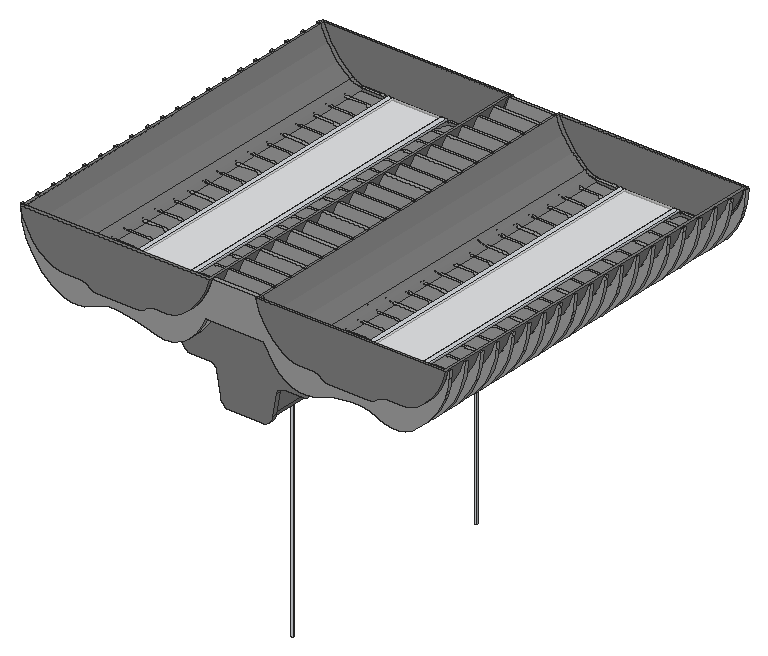
Revit family "0039268 Feilo Sylvania Lighting Fixtures SYLBAY LED 4000K 18-5KLM AISLE DALI", category Lighting Fixtures, host Face, Revit 2017
Family settings
  Host = Face
  Round Connector Dimension = Use Diameter
  Part Type = Normal
  OmniClass Number = 23.80.70.00
  OmniClass Title = Lighting
  Cut with Voids When Loaded = No
  Light Source = Yes
  Shared = No
  Room Calculation Point = No
Parameters (values of type "0039268 SYLBAY LED 4000K 18.5KLM AISLE DALI")
  WireRadius_FEILO = 1 mm
  Weight = "4.6 kg"
  Wattage Comments = "n/a"
  Wattage = 145 W
  WarrantyStartDate [instance] = "n/a"
  WarrantyGuarantorParts = "n/a"
  WarrantyDurationUnit = "n/a"
  WarrantyDurationParts = "n/a"
  WarrantyDescription = "n/a"
  built-in parameter 1150110 = 1 (stored number, unit not read)
  Voltage = 230 V
  URL = "http://www.sylvania-lighting.com"
  TypeName = "SYLBAY LED 4000K 18.5KLM AISLE DALI"
  Type Image = <None>
  Type Comments = "n/a"
  built-in parameter 1114217 = 1 (stored number, unit not read)
  Tilt Angle = -90.00°
  built-in parameter 1150109 = 1 (stored number, unit not read)
  built-in parameter 1150134 = 12
  SuspensionHeight_FEILO [instance] = if(SurfaceMounted_FEILO, 107 mm, SuspensionHeightEntry_FEILO)  # 300 mm
  SuspensionHeightEntry_FEILO [instance] = 300 mm
  SurfaceMounted_FEILO [instance] = no
  built-in parameter 1150113 = 1 (stored number, unit not read)
  SerialNumber [instance] = "n/a"
  ReflectorMaterial = none
  PowerFactor = 0
  PowerConsumption = "145 W"
  Photometric Web File = "0039268.ies"
  NominalLength = 330 mm
  NominalHeight = 105 mm
  NominalDepth = 375 mm
  Name = "SYLBAY LED 4000K 18.5KLM AISLE DALI"
  ModelReference = "SYLBAY LED 4000K 18.5KLM AISLE DALI"
  ModelNumber = "0039268"
  Model = "SYLBAY LED 4000K 18.5KLM AISLE DALI"
  Material = "aluminium housing"
  ManufacturerName = "Feilo Sylvania"
  Manufacturer = "Feilo Sylvania"
  LuminousEfficacy = "128.09 lm/W"
  built-in parameter 1150105 = 25794 (stored number, unit not read)
  Lumens = 18573 lm
  LuminaireType = ""
  built-in parameter 1150115 = 1 (stored number, unit not read)
  LightOutputRatio = "100"
  built-in parameter 1150137 = (empty or 0)
  built-in parameter 1150139 = (empty or 0)
  LampsType = Lamp  # "LED"
  LampNominalLuminous = "18445 lm"
  LampMacAdamStep = "n/a"
  LampColourTemperature = "4000 K"
  LampColourRenderingIndex = "80"
  built-in parameter 1150112 = 1 (stored number, unit not read)
  built-in parameter 1150114 = 1 (stored number, unit not read)
  Lamp = "LED"
  Keynote = "16500"
  InstallationDate [instance] = "n/a"
  InputVoltage = "220-240V~"
  InputNominalFrequency = "50/60 Hz"
  built-in parameter 1150132 = (empty or 0)
  built-in parameter 1150102 = (empty or 0)
  built-in parameter 1150107 = 4000 (stored number, unit not read)
  built-in parameter 1150138 = (empty or 0)
  IngressProtection = "IP65"
  ImpactProtectionIndex = "IK08"
  built-in parameter 1150106 = 257.94 (stored number, unit not read)
  IfcExportType = "IfcLightFixtureType"
  IfcExportAs = "IfcLightFixtureType"
  ExpectedLife = 50000
  Emit from Rectangle Width = 365 mm
  Emit from Rectangle Length = 320 mm
  Emit Shape Visible in Rendering = no
  ElectricShockClassification = "Class I"
  built-in parameter 1150104 = 11.9 (stored number, unit not read)
  DurationUnit = "hours"
  DocumentationLiterature = "http://www.sylvania-lighting.com/product/en-int/products/0039268"
  DimmingControlOptions = "Dimmable"
  Dimming Lamp Color Temperature Shift = <None>
  DiffuserMaterial = Diffuser-Sylvania-Sylbay-Transparent
  Description = "Specification industrial high bay luminaire, robust and durable, slim design, high output and efficiency, lightweight, aluminium housing with shatter-resistant polycarbonate lens optic, 18,500 lumens, 145W, 127lm/W, 4000K, 2100mA, CRI 80, aisle beam optic, DALI dimmable, IP65, IK08, 100,000 hrs (L90B10), (LxWxH) 330x375x105mm, 3 step MacAdam ellipse, 4.6kg, aluminium finish, Class 1, 220-240V, integrated LED, energy class: A++, A+, A."
  Default Elevation = 1219.2 mm
  CreatedOn = "17/11/2017"
  CreatedBy = ""
  Cost = 0
  Color Filter = 16777215
  built-in parameter 1114216 [instance] = (empty or 0)
  BodyMaterial = Body-Sylvania-Sylbay-Aluminium
  BarCode [instance] = "n/a"
  built-in parameter 1114218 = 1 (stored number, unit not read)
  built-in parameter 1150133 = 10 (stored number, unit not read)
  AssetType = "Fixed"
  AssetIdentifier [instance] = "n/a"
  Assembly Code = "D5020200"
  Apparent Load = 145 VA
  AccessoryMaterial = Accesory-Sylvania-Sylbay-White
Reference planes
  plane 1 "Center (Front/Back)": y = 0
  plane 2: z = 0
  plane 3 "Center (Left/Right)": x = 0
  plane 4: z = 300
  plane 5: y = -147
  plane 6: y = 100
  plane 7: y = -100
  plane 8: z = 237.522
  plane 9: z = 246.272
  plane 10: z = 227.522
  plane 11: z = 266.272
  plane 12: z = 256.272
  plane 13: z = 262.272
  plane 14: y = 147
  plane 15: y = -8.075
  plane 16: y = 8.075
  plane 17: y = -150
  plane 18: y = 150
  plane 19: z = 195
  plane 20: z = 193
Forms (mm)
  Extrusion 1, solid, material "Accesory-Sylvania-Sylbay-White" <- "AccessoryMaterial"
    sketch origin (0, 0, 0) x (1, 0, 0) y (0, 0, 1)
      loop
        arc (-39.258, 246.272) -> (-44.534, 242.283) -> (-50.507, 239.445) r 32.519
        arc (-50.507, 239.445) -> (-54.463, 232.388) -> (-48, 227.522) r 6.147
        line (-48, 227.522) -> (-32.102, 227.522)
        arc (-32.102, 227.522) -> (-26.92, 225.616) -> (-24.206, 220.808) r 8
        line (-24.206, 220.808) -> (-21.094, 201.713)
        arc (-21.094, 201.713) -> (-18.38, 196.905) -> (-13.198, 195) r 8
        line (-13.198, 195) -> (13.198, 195)
        arc (13.198, 195) -> (18.393, 196.916) -> (21.099, 201.746) r 8
        line (21.099, 201.746) -> (24.206, 220.808)
        arc (24.206, 220.808) -> (26.92, 225.616) -> (32.102, 227.522) r 8
        line (32.102, 227.522) -> (48, 227.522)
        arc (48, 227.522) -> (54.463, 232.388) -> (50.507, 239.445) r 6.147
        arc (50.507, 239.445) -> (44.534, 242.283) -> (39.258, 246.272) r 32.519
        arc (39.258, 246.272) -> (31.199, 255.531) -> (25.254, 266.272) r 58.361
        line (25.254, 266.272) -> (-25.254, 266.272)
        arc (-25.254, 266.272) -> (-31.199, 255.531) -> (-39.258, 246.272) r 58.361
    from -147 to 147
  Extrusion 2, solid, material "Body-Sylvania-Sylbay-Aluminium" <- "BodyMaterial", detail levels medium+fine
    sketch origin (0, 0, 0) x (1, 0, 0) y (0, 0, 1)
      loop
        arc (-32.102, 225.522) -> (-28.215, 224.093) -> (-26.18, 220.487) r 6
        line (-26.18, 220.487) -> (-23.068, 201.392)
        arc (-23.068, 201.392) -> (-19.676, 195.381) -> (-13.198, 193) r 10
        line (-13.198, 193) -> (13.198, 193)
        arc (13.198, 193) -> (19.69, 195.393) -> (23.074, 201.428) r 10
        line (23.074, 201.428) -> (26.18, 220.487)
        arc (26.18, 220.487) -> (28.215, 224.093) -> (32.102, 225.522) r 6
        line (32.102, 225.522) -> (47.932, 225.522)
        arc (47.932, 225.522) -> (54.718, 228.451) -> (56.343, 235.661) r 8.147
        arc (56.343, 235.661) -> (55.292, 237.506) -> (53.445, 238.553) r 4
        arc (53.445, 238.553) -> (45.865, 241.518) -> (39.258, 246.272) r 32.519
        arc (39.258, 246.272) -> (32.89, 253.237) -> (27.728, 261.137) r 58.361
        arc (27.728, 261.137) -> (25.523, 263.429) -> (22.456, 264.272) r 6
        line (22.456, 264.272) -> (-22.456, 264.272)
        arc (-22.456, 264.272) -> (-25.523, 263.429) -> (-27.728, 261.137) r 6
        arc (-27.728, 261.137) -> (-32.89, 253.237) -> (-39.258, 246.272) r 58.361
        arc (-39.258, 246.272) -> (-45.865, 241.518) -> (-53.445, 238.553) r 32.519
        arc (-53.445, 238.553) -> (-55.292, 237.506) -> (-56.343, 235.661) r 4
        arc (-56.343, 235.661) -> (-54.718, 228.451) -> (-47.932, 225.522) r 8.147
        line (-47.932, 225.522) -> (-32.102, 225.522)
    from 147 to 150
  Extrusion 3, solid, detail levels medium+fine
    sketch origin (0, 0, 0) x (1, 0, 0) y (0, 0, 1)
      loop
        line (-47.932, 225.522) -> (-32.102, 225.522)
        arc (-32.102, 225.522) -> (-28.215, 224.093) -> (-26.18, 220.487) r 6
        line (-26.18, 220.487) -> (-23.068, 201.392)
        arc (-23.068, 201.392) -> (-19.676, 195.381) -> (-13.198, 193) r 10
        line (-13.198, 193) -> (13.198, 193)
        arc (13.198, 193) -> (19.69, 195.393) -> (23.074, 201.428) r 10
        line (23.074, 201.428) -> (26.18, 220.487)
        arc (26.18, 220.487) -> (28.215, 224.093) -> (32.102, 225.522) r 6
        line (32.102, 225.522) -> (47.932, 225.522)
        arc (47.932, 225.522) -> (54.718, 228.451) -> (56.343, 235.661) r 8.147
        arc (56.343, 235.661) -> (55.292, 237.506) -> (53.445, 238.553) r 4
        arc (53.445, 238.553) -> (45.865, 241.518) -> (39.258, 246.272) r 32.519
        arc (39.258, 246.272) -> (32.89, 253.237) -> (27.728, 261.137) r 58.361
        arc (27.728, 261.137) -> (25.523, 263.429) -> (22.456, 264.272) r 6
        line (22.456, 264.272) -> (-22.456, 264.272)
        arc (-22.456, 264.272) -> (-25.523, 263.429) -> (-27.728, 261.137) r 6
        arc (-27.728, 261.137) -> (-32.89, 253.237) -> (-39.258, 246.272) r 58.361
        arc (-39.258, 246.272) -> (-45.865, 241.518) -> (-53.445, 238.553) r 32.519
        arc (-53.445, 238.553) -> (-55.292, 237.506) -> (-56.343, 235.661) r 4
        arc (-56.343, 235.661) -> (-54.718, 228.451) -> (-47.932, 225.522) r 8.147
    from -150 to -147
  Extrusion 4, solid
    sketch origin (-316.531, -4572, 195) x (-1, 0, 0) y (0, -1, 0)
      loop
        circle (-316.531, -4672) r 1
      loop
        circle (-316.531, -4472) r 1
    from 0 to -195
Dimensions and locks
  "SuspensionHeight_FEILO": plane 4 to plane 2
  equal spacing: plane 7, plane 1 "Center (Front/Back)", plane 6
  locked: plane 1 "Center (Front/Back)" to plane 6 at 100
  locked: plane 4 to plane 8 at 62.478
  locked: plane 4 to plane 9 at 53.728
  plane 4 to plane 10 = 72.478 mm
  locked: plane 4 to plane 11 at 33.728
  locked: plane 12 to plane 9 at 10
  locked: plane 13 to plane 12 at 6
  locked: plane 3 "Center (Left/Right)" to Extrusion 1 sketch curve at 48.447
  locked: Extrusion 1 sketch curve to plane 3 "Center (Left/Right)" at 48.447
  locked: plane 4 to Extrusion 1 sketch curve at 66.347  (x2)
  Extrusion 1 sketch curve to plane 3 "Center (Left/Right)" to Extrusion 1 sketch curve = 13.198 mm locked, 13.198 mm locked
  Extrusion 1 sketch curve to plane 3 "Center (Left/Right)" to Extrusion 1 sketch curve = 32.102 mm locked, 32.102 mm locked
  locked: plane 4 to Extrusion 1 sketch curve at 97  (x2)
  locked: plane 4 to Extrusion 1 sketch curve at 80.478  (x2)
  equal spacing: plane 15, plane 1 "Center (Front/Back)", plane 16
  locked: plane 15 to plane 16 at 16.15
  locked: plane 10 to Extrusion 2 sketch curve at 2
  plane 10 to Extrusion 2 sketch curve = 2 mm
  locked: Extrusion 2 sketch curve to Extrusion 1 at 2  (x2)
  locked: Extrusion 2 sketch curve to plane 3 "Center (Left/Right)" at 52.466
  locked: plane 3 "Center (Left/Right)" to Extrusion 2 sketch curve at 52.466
  locked: plane 4 to Extrusion 2 sketch curve at 65.325  (x2)
  locked: plane 4 to Extrusion 2 sketch curve at 41.728  (x2)
  locked: plane 3 "Center (Left/Right)" to Extrusion 2 sketch curve at 22.456
  locked: Extrusion 2 sketch curve to plane 3 "Center (Left/Right)" at 22.456
  locked: plane 4 to plane 19 at 105
  locked: plane 19 to plane 20 at 2
  locked: plane 1 "Center (Front/Back)" to plane 18 at 150
  locked: plane 14 to plane 18 at 3
  locked: plane 17 to plane 1 "Center (Front/Back)" at 150
  locked: plane 17 to plane 5 at 3
  "WireRadius_FEILO": radius of Extrusion 4 sketch curve  (x2)
  aligned and locked: plane 2 to host face
  aligned and locked: level to host face
  aligned and locked: plane 10 to Extrusion 1 sketch curve
  aligned and locked: plane 5 to Extrusion 1
  aligned and locked: Extrusion 1 to plane 14
  aligned and locked: imposter light to plane 4
  aligned and locked: plane 3 "Center (Left/Right)" to imposter light
  aligned and locked: plane 1 "Center (Front/Back)" to imposter light
  aligned and locked: plane 17 to Extrusion 2
  aligned and locked: Extrusion 2 to plane 5
  aligned and locked: Extrusion 3 sketch curve to Extrusion 2  (x15)
  aligned and locked: Extrusion 3 to Extrusion 1
  aligned and locked: Extrusion 3 to plane 18
  aligned and locked: Extrusion 1 sketch curve to plane 19
  aligned and locked: plane 7 to Extrusion 4 sketch curve
  aligned and locked: plane 3 "Center (Left/Right)" to Extrusion 4 sketch curve  (x2)
  aligned and locked: plane 6 to Extrusion 4 sketch curve
  aligned and locked: Extrusion 1 to Extrusion 4
  aligned and locked: Extrusion 4 to level
  aligned and locked: plane 20 to Extrusion 2 sketch curve
  aligned and locked: plane 3 "Center (Left/Right)" to nested 1
  aligned and locked: plane 1 "Center (Front/Back)" to nested 1
Automatic sketch dimensions
  host sketch curve to host sketch curve = 2438.4 mm  (x2)
  Extrusion 1 sketch curve to plane 9 = 0 mm  (x4)
  Extrusion 1 sketch curve to plane 10 = 0 mm
  plane 11 to Extrusion 1 sketch curve = 3.811 mm
  Extrusion 1 sketch curve to Extrusion 1 sketch curve = 36.151 mm  (x2)
  Extrusion 1 sketch curve to plane 4 = 10.994 mm  (x2)
  Extrusion 1 sketch curve to plane 11 = 0 mm
  plane 9 to Extrusion 1 sketch curve = 23.811 mm
  Extrusion 1 sketch curve to plane 10 = 6.713 mm  (x2)
  plane 19 to Extrusion 1 sketch curve = 6.713 mm
  Extrusion 3 sketch curve to plane 10 = 7.035 mm  (x2)
  plane 19 to Extrusion 3 sketch curve = 6.392 mm
  plane 19 to Extrusion 1 sketch curve = 6.746 mm
  plane 19 to Extrusion 3 sketch curve = 6.428 mm
  plane 3 "Center (Left/Right)" to Extrusion 1 sketch curve = 25.254 mm
  Extrusion 1 sketch curve to Extrusion 1 sketch curve = 0.447 mm  (x2)
  Extrusion 1 sketch curve to Extrusion 1 sketch curve = 12.959 mm
  Extrusion 2 sketch curve to plane 9 = 0 mm  (x4)
  plane 11 to Extrusion 2 sketch curve = 3.811 mm  (x2)
  Extrusion 2 sketch curve to Extrusion 2 sketch curve = 8.939 mm  (x2)
  Extrusion 2 sketch curve to plane 4 = 10.994 mm  (x2)
  Extrusion 2 sketch curve to Extrusion 2 sketch curve = 17.6 mm  (x2)
  Extrusion 2 sketch curve to Extrusion 2 sketch curve = 4.02 mm  (x2)
  Extrusion 2 sketch curve to Extrusion 2 sketch curve = 0.514 mm
  Extrusion 2 sketch curve to plane 10 = 8 mm
  Extrusion 2 sketch curve to plane 10 = 7.035 mm  (x2)
  plane 19 to Extrusion 2 sketch curve = 6.392 mm
  plane 19 to Extrusion 2 sketch curve = 8 mm
  plane 3 "Center (Left/Right)" to Extrusion 2 sketch curve = 13.198 mm
  plane 19 to Extrusion 2 sketch curve = 6.428 mm
  Extrusion 2 sketch curve to Extrusion 2 sketch curve = 5.922 mm
  Extrusion 2 sketch curve to Extrusion 2 sketch curve = 4.534 mm
  Extrusion 2 sketch curve to plane 8 = 3.869 mm  (x2)
  Extrusion 2 sketch curve to plane 11 = 2 mm
  Extrusion 2 sketch curve to Extrusion 2 sketch curve = 0 mm  (x2)
Nested families
  nested 1: "SylbayBody" at (0, 0, 266.272), type "SylbayBody"
  nested 2: "SlybayRib" at (0, 144.453, 300), type "SylbayRib"
  nested 3: "SlybayRib" at (0, 127.406, 300), type "SylbayRib"
  nested 4: "SlybayRib" at (0, 110.358, 300), type "SylbayRib"
  nested 5: "SlybayRib" at (0, 93.311, 300), type "SylbayRib"
  nested 6: "SlybayRib" at (0, 76.264, 300), type "SylbayRib"
  nested 7: "SlybayRib" at (0, 59.217, 300), type "SylbayRib"
  nested 8: "SlybayRib" at (0, 42.169, 300), type "SylbayRib"
  nested 9: "SlybayRib" at (0, 25.122, 300), type "SylbayRib"
  nested 10: "SlybayRib" at (0, 161.5, 300), type "SylbayRib"
  nested 11: "SlybayRib" at (0, -144.453, 300), type "SylbayRib"
  nested 12: "SlybayRib" at (0, -127.406, 300), type "SylbayRib"
  nested 13: "SlybayRib" at (0, -110.358, 300), type "SylbayRib"
  nested 14: "SlybayRib" at (0, -93.311, 300), type "SylbayRib"
  nested 15: "SlybayRib" at (0, -76.264, 300), type "SylbayRib"
  nested 16: "SlybayRib" at (0, -59.217, 300), type "SylbayRib"
  nested 17: "SlybayRib" at (0, -42.169, 300), type "SylbayRib"
  nested 18: "SlybayRib" at (0, -25.122, 300), type "SylbayRib"
  nested 19: "SlybayRib" at (0, -161.5, 300), type "SylbayRib"
  nested 20: "SlybayRib" at (0, 8.075, 300), type "SylbayRib"
  nested 21: "SlybayRib" at (0, -8.075, 300), type "SylbayRib"
Connectors
  electrical at (0, 0, 0), driven by "Apparent Load"
    settings: index 1, voltage 230 V, apparent load 145 VA, apparent load phase1 0 VA, apparent load phase2 0 VA, apparent load phase3 0 VA, power factor 0, load classification "Lighting", number of poles 1, system type 30, power factor state 1, is connector primary yes, connector utility no, sub classification motor no, connector description ""
Definition of nested family "SylbayBody"
  Parameters (values of type "SylbayBody")
    URL = "http://www.feilosylvania.com"
    Type Image = (empty or 0)
    Type Comments = "n/a"
    RibLast_FEILO = 161.5 mm
    RibDistance_FEILO = RibLast_FEILO / 10  # 16.15 mm
    ReflectorMaterial = none
    Model = ""
    Manufacturer = "Feilo Sylvania"
    Keynote = ""
    DiffuserMaterial = none
    Description = "n/a"
    Default Elevation = 1219.2 mm
    Cost = 0
    BodyMaterial = none
    Assembly Code = "D5020200"
    AccessoryMaterial = none
  Reference planes
    plane 1 "Center (Front/Back)": y = 0
    plane 2: z = 0
    plane 3 "Center (Left/Right)": x = 0
    plane 4: x = -187.5
    plane 5: x = 187.5
    plane 6: z = 33.728
    plane 7: y = -165
    plane 8: y = 165
    plane 9: y = -148
    plane 10: y = 160
    plane 11: y = -160
    plane 12: z = -28.75
    plane 13: z = -20
    plane 14: x = -102.75
    plane 15: x = 102.75
    plane 16: z = 0
    plane 17: x = -185.5
    plane 18: x = -20
    plane 19: z = -10
    plane 20: x = -122.75
    plane 21: x = -82.75
    plane 22: z = -4
    plane 23: x = -130.75
    plane 24: x = -74.75
    plane 25: x = -145.75
    plane 26: x = -59.75
    plane 27: x = -25.3
    plane 28: x = -183.5
    plane 29: x = -22
    plane 30: y = -163
    plane 31: y = 163
    plane 32: x = 25.3
    plane 33: x = -48
    plane 34: x = 48
    plane 35: x = 20
    plane 36: y = 148
    plane 37: y = -161.5
    plane 38: y = 161.5
    plane 39: y = -8.075
    plane 40: y = 8.075
    plane 41: y = -151
    plane 42: y = 151
    plane 43: y = 149
    plane 44: y = 152
    plane 45: z = -2
    plane 46: z = 0
  Forms (mm)
    Extrusion 1, solid
      sketch origin (4.2, 0, 0) x (1, 0, 0) y (0, 1, 0)
        loop
          line (-1219.2, 1219.2) -> (-1219.2, -1219.2) -> (1219.2, -1219.2) -> (1219.2, 1219.2) -> (-1219.2, 1219.2)
      from 0 to -304.8
    Extrusion 2, solid, material <- "BodyMaterial", detail levels coarse+medium
      sketch origin (0, 0, -234.25) x (1, 0, 0) y (0, 0, 1)
        loop
          arc (-187.5, 267.978) -> (-180.003, 237.85) -> (-159.829, 214.25) r 67.598
          arc (-159.829, 214.25) -> (-143.258, 206.411) -> (-125.169, 209.379) r 30.791
          arc (-125.169, 209.379) -> (-113.533, 213.402) -> (-101.25, 214.25) r 46.777
          arc (-101.25, 214.25) -> (-87.202, 212.214) -> (-73.664, 207.942) r 87.865
          arc (-73.664, 207.942) -> (-55.541, 206.076) -> (-39.258, 214.25) r 32.519
          arc (-39.258, 214.25) -> (-31.199, 223.509) -> (-25.254, 234.25) r 58.361
          line (-25.254, 234.25) -> (25.254, 234.25)
          arc (25.254, 234.25) -> (31.199, 223.509) -> (39.258, 214.25) r 58.361
          arc (39.258, 214.25) -> (55.541, 206.076) -> (73.664, 207.942) r 32.519
          arc (73.664, 207.942) -> (87.202, 212.214) -> (101.25, 214.25) r 87.865
          arc (101.25, 214.25) -> (113.533, 213.402) -> (125.169, 209.379) r 46.777
          arc (125.169, 209.379) -> (143.258, 206.411) -> (159.829, 214.25) r 30.791
          arc (159.829, 214.25) -> (180.003, 237.85) -> (187.5, 267.978) r 67.598
          line (187.5, 267.978) -> (185.5, 267.978)
          arc (185.5, 267.978) -> (176.042, 248.665) -> (160.084, 234.25) r 56.823
          arc (160.084, 234.25) -> (153.191, 231.269) -> (145.75, 230.25) r 27.682
          line (145.75, 230.25) -> (132.583, 230.25)
          arc (132.583, 230.25) -> (129.421, 229.737) -> (126.583, 228.25) r 10
          line (126.583, 228.25) -> (123.917, 226.25)
          arc (123.917, 226.25) -> (121.079, 224.763) -> (117.917, 224.25) r 10
          line (117.917, 224.25) -> (84.583, 224.25)
          arc (84.583, 224.25) -> (81.421, 224.763) -> (78.583, 226.25) r 10
          line (78.583, 226.25) -> (75.917, 228.25)
          arc (75.917, 228.25) -> (73.079, 229.737) -> (69.917, 230.25) r 10
          line (69.917, 230.25) -> (58.25, 230.25)
          arc (58.25, 230.25) -> (51.55, 231.273) -> (45.461, 234.25) r 22.443
          arc (45.461, 234.25) -> (30.027, 249.073) -> (20, 267.978) r 67.602
          line (20, 267.978) -> (-20, 267.978)
          arc (-20, 267.978) -> (-30.027, 249.073) -> (-45.461, 234.25) r 67.602
          arc (-45.461, 234.25) -> (-51.55, 231.273) -> (-58.25, 230.25) r 22.443
          line (-58.25, 230.25) -> (-69.917, 230.25)
          arc (-69.917, 230.25) -> (-73.079, 229.737) -> (-75.917, 228.25) r 10
          line (-75.917, 228.25) -> (-78.583, 226.25)
          arc (-78.583, 226.25) -> (-81.421, 224.763) -> (-84.583, 224.25) r 10
          line (-84.583, 224.25) -> (-117.917, 224.25)
          arc (-117.917, 224.25) -> (-121.079, 224.763) -> (-123.917, 226.25) r 10
          line (-123.917, 226.25) -> (-126.583, 228.25)
          arc (-126.583, 228.25) -> (-129.421, 229.737) -> (-132.583, 230.25) r 10
          line (-132.583, 230.25) -> (-145.75, 230.25)
          arc (-145.75, 230.25) -> (-153.191, 231.269) -> (-160.084, 234.25) r 27.682
          arc (-160.084, 234.25) -> (-176.042, 248.665) -> (-185.5, 267.978) r 56.823
          line (-185.5, 267.978) -> (-187.5, 267.978)
      from 160 to -160
    Extrusion 3, solid, material <- "BodyMaterial"
      sketch origin (0, 0, -234.25) x (1, 0, 0) y (0, 0, 1)
        loop
          arc (-145.75, 230.25) -> (-152.168, 231.276) -> (-157.947, 234.25) r 20.597
          arc (-157.947, 234.25) -> (-173.175, 249.257) -> (-183.5, 267.978) r 74.319
          line (-183.5, 267.978) -> (-185.5, 267.978)
          arc (-185.5, 267.978) -> (-176.042, 248.665) -> (-160.084, 234.25) r 56.823
          arc (-160.084, 234.25) -> (-153.191, 231.269) -> (-145.75, 230.25) r 27.682
        loop
          arc (-45.461, 234.25) -> (-30.027, 249.073) -> (-20, 267.978) r 67.602
          line (-20, 267.978) -> (-22, 267.978)
          arc (-22, 267.978) -> (-31.964, 249.398) -> (-46.63, 234.25) r 76.357
          arc (-46.63, 234.25) -> (-52.105, 231.278) -> (-58.25, 230.25) r 18.878
          arc (-58.25, 230.25) -> (-51.55, 231.273) -> (-45.461, 234.25) r 22.443
        loop
          arc (145.75, 230.25) -> (153.191, 231.269) -> (160.084, 234.25) r 27.682
          arc (160.084, 234.25) -> (176.042, 248.665) -> (185.5, 267.978) r 56.823
          line (185.5, 267.978) -> (183.5, 267.978)
          arc (183.5, 267.978) -> (173.175, 249.257) -> (157.947, 234.25) r 74.319
          arc (157.947, 234.25) -> (152.168, 231.276) -> (145.75, 230.25) r 20.597
        loop
          arc (45.461, 234.25) -> (51.55, 231.273) -> (58.25, 230.25) r 22.443
          arc (58.25, 230.25) -> (52.105, 231.278) -> (46.63, 234.25) r 18.878
          arc (46.63, 234.25) -> (31.964, 249.398) -> (22, 267.978) r 76.357
          line (22, 267.978) -> (20, 267.978)
          arc (20, 267.978) -> (30.027, 249.073) -> (45.461, 234.25) r 67.602
      from -160 to 160
    Extrusion 4, solid, material <- "BodyMaterial"
      sketch origin (0, -165, -843.85) x (0, 0, -1) y (1, 0, 0)
        loop
          arc (-837.85, -132.583) -> (-837.439, -130.054) -> (-836.25, -127.783) r 8
          line (-836.25, -127.783) -> (-834.25, -125.117)
          arc (-834.25, -125.117) -> (-832.466, -121.711) -> (-831.85, -117.917) r 12
          line (-831.85, -117.917) -> (-831.85, -84.583)
          arc (-831.85, -84.583) -> (-832.466, -80.789) -> (-834.25, -77.383) r 12
          line (-834.25, -77.383) -> (-836.25, -74.717)
          arc (-836.25, -74.717) -> (-837.439, -72.446) -> (-837.85, -69.917) r 8
          line (-837.85, -69.917) -> (-837.85, -58.25)
          arc (-837.85, -58.25) -> (-838.965, -50.953) -> (-842.206, -44.322) r 24.443
          arc (-842.206, -44.322) -> (-857.666, -28.923) -> (-877.578, -20) r 60.581
          line (-877.578, -20) -> (-877.578, -22)
          arc (-877.578, -22) -> (-858.998, -31.964) -> (-843.85, -46.63) r 76.357
          arc (-843.85, -46.63) -> (-840.878, -52.105) -> (-839.85, -58.25) r 18.878
          line (-839.85, -58.25) -> (-839.85, -69.917)
          arc (-839.85, -69.917) -> (-839.337, -73.079) -> (-837.85, -75.917) r 10
          line (-837.85, -75.917) -> (-835.85, -78.583)
          arc (-835.85, -78.583) -> (-834.363, -81.421) -> (-833.85, -84.583) r 10
          line (-833.85, -84.583) -> (-833.85, -117.917)
          arc (-833.85, -117.917) -> (-834.363, -121.079) -> (-835.85, -123.917) r 10
          line (-835.85, -123.917) -> (-837.85, -126.583)
          arc (-837.85, -126.583) -> (-839.337, -129.421) -> (-839.85, -132.583) r 10
          line (-839.85, -132.583) -> (-839.85, -145.75)
          arc (-839.85, -145.75) -> (-840.876, -152.168) -> (-843.85, -157.947) r 20.597
          arc (-843.85, -157.947) -> (-858.857, -173.175) -> (-877.578, -183.5) r 74.319
          line (-877.578, -183.5) -> (-877.578, -185.5)
          arc (-877.578, -185.5) -> (-857.235, -177.123) -> (-842.139, -161.119) r 52.287
          arc (-842.139, -161.119) -> (-838.942, -153.728) -> (-837.85, -145.75) r 29.682
          line (-837.85, -145.75) -> (-837.85, -132.583)
        loop
          line (-837.85, 132.583) -> (-837.85, 145.75)
          arc (-837.85, 145.75) -> (-838.942, 153.728) -> (-842.139, 161.119) r 29.682
          arc (-842.139, 161.119) -> (-857.235, 177.123) -> (-877.578, 185.5) r 52.287
          line (-877.578, 185.5) -> (-877.578, 183.5)
          arc (-877.578, 183.5) -> (-858.857, 173.175) -> (-843.85, 157.947) r 74.319
          arc (-843.85, 157.947) -> (-840.876, 152.168) -> (-839.85, 145.75) r 20.597
          line (-839.85, 145.75) -> (-839.85, 132.583)
          arc (-839.85, 132.583) -> (-839.337, 129.421) -> (-837.85, 126.583) r 10
          line (-837.85, 126.583) -> (-835.85, 123.917)
          arc (-835.85, 123.917) -> (-834.363, 121.079) -> (-833.85, 117.917) r 10
          line (-833.85, 117.917) -> (-833.85, 84.583)
          arc (-833.85, 84.583) -> (-834.363, 81.421) -> (-835.85, 78.583) r 10
          line (-835.85, 78.583) -> (-837.85, 75.917)
          arc (-837.85, 75.917) -> (-839.337, 73.079) -> (-839.85, 69.917) r 10
          line (-839.85, 69.917) -> (-839.85, 58.25)
          arc (-839.85, 58.25) -> (-840.878, 52.105) -> (-843.85, 46.63) r 18.878
          arc (-843.85, 46.63) -> (-858.998, 31.964) -> (-877.578, 22) r 76.357
          line (-877.578, 22) -> (-877.578, 20)
          arc (-877.578, 20) -> (-857.666, 28.923) -> (-842.206, 44.322) r 60.581
          arc (-842.206, 44.322) -> (-838.965, 50.953) -> (-837.85, 58.25) r 24.443
          line (-837.85, 58.25) -> (-837.85, 69.917)
          arc (-837.85, 69.917) -> (-837.439, 72.446) -> (-836.25, 74.717) r 8
          line (-836.25, 74.717) -> (-834.25, 77.383)
          arc (-834.25, 77.383) -> (-832.466, 80.789) -> (-831.85, 84.583) r 12
          line (-831.85, 84.583) -> (-831.85, 117.917)
          arc (-831.85, 117.917) -> (-832.466, 121.711) -> (-834.25, 125.117) r 12
          line (-834.25, 125.117) -> (-836.25, 127.783)
          arc (-836.25, 127.783) -> (-837.439, 130.054) -> (-837.85, 132.583) r 8
      from -2 to -5
    Extrusion 5, solid, material <- "BodyMaterial"
      sketch origin (0, 165, -843.85) x (0, 0, -1) y (1, 0, 0)
        loop
          line (-831.85, -117.917) -> (-831.85, -84.583)
          arc (-831.85, -84.583) -> (-832.466, -80.789) -> (-834.25, -77.383) r 12
          line (-834.25, -77.383) -> (-836.25, -74.717)
          arc (-836.25, -74.717) -> (-837.439, -72.446) -> (-837.85, -69.917) r 8
          line (-837.85, -69.917) -> (-837.85, -58.25)
          arc (-837.85, -58.25) -> (-838.965, -50.953) -> (-842.206, -44.322) r 24.443
          arc (-842.206, -44.322) -> (-857.666, -28.923) -> (-877.578, -20) r 60.581
          line (-877.578, -20) -> (-877.578, -22)
          arc (-877.578, -22) -> (-858.998, -31.964) -> (-843.85, -46.63) r 76.357
          arc (-843.85, -46.63) -> (-840.878, -52.105) -> (-839.85, -58.25) r 18.878
          line (-839.85, -58.25) -> (-839.85, -69.917)
          arc (-839.85, -69.917) -> (-839.337, -73.079) -> (-837.85, -75.917) r 10
          line (-837.85, -75.917) -> (-835.85, -78.583)
          arc (-835.85, -78.583) -> (-834.363, -81.421) -> (-833.85, -84.583) r 10
          line (-833.85, -84.583) -> (-833.85, -117.917)
          arc (-833.85, -117.917) -> (-834.363, -121.079) -> (-835.85, -123.917) r 10
          line (-835.85, -123.917) -> (-837.85, -126.583)
          arc (-837.85, -126.583) -> (-839.337, -129.421) -> (-839.85, -132.583) r 10
          line (-839.85, -132.583) -> (-839.85, -145.75)
          arc (-839.85, -145.75) -> (-840.876, -152.168) -> (-843.85, -157.947) r 20.597
          arc (-843.85, -157.947) -> (-858.857, -173.175) -> (-877.578, -183.5) r 74.319
          line (-877.578, -183.5) -> (-877.578, -185.5)
          arc (-877.578, -185.5) -> (-857.235, -177.123) -> (-842.139, -161.119) r 52.287
          arc (-842.139, -161.119) -> (-838.942, -153.728) -> (-837.85, -145.75) r 29.682
          line (-837.85, -145.75) -> (-837.85, -132.583)
          arc (-837.85, -132.583) -> (-837.439, -130.054) -> (-836.25, -127.783) r 8
          line (-836.25, -127.783) -> (-834.25, -125.117)
          arc (-834.25, -125.117) -> (-832.466, -121.711) -> (-831.85, -117.917) r 12
        loop
          line (-831.85, 84.583) -> (-831.85, 117.917)
          arc (-831.85, 117.917) -> (-832.466, 121.711) -> (-834.25, 125.117) r 12
          line (-834.25, 125.117) -> (-836.25, 127.783)
          arc (-836.25, 127.783) -> (-837.439, 130.054) -> (-837.85, 132.583) r 8
          line (-837.85, 132.583) -> (-837.85, 145.75)
          arc (-837.85, 145.75) -> (-838.942, 153.728) -> (-842.139, 161.119) r 29.682
          arc (-842.139, 161.119) -> (-857.235, 177.123) -> (-877.578, 185.5) r 52.287
          line (-877.578, 185.5) -> (-877.578, 183.5)
          arc (-877.578, 183.5) -> (-858.857, 173.175) -> (-843.85, 157.947) r 74.319
          arc (-843.85, 157.947) -> (-840.876, 152.168) -> (-839.85, 145.75) r 20.597
          line (-839.85, 145.75) -> (-839.85, 132.583)
          arc (-839.85, 132.583) -> (-839.337, 129.421) -> (-837.85, 126.583) r 10
          line (-837.85, 126.583) -> (-835.85, 123.917)
          arc (-835.85, 123.917) -> (-834.363, 121.079) -> (-833.85, 117.917) r 10
          line (-833.85, 117.917) -> (-833.85, 84.583)
          arc (-833.85, 84.583) -> (-834.363, 81.421) -> (-835.85, 78.583) r 10
          line (-835.85, 78.583) -> (-837.85, 75.917)
          arc (-837.85, 75.917) -> (-839.337, 73.079) -> (-839.85, 69.917) r 10
          line (-839.85, 69.917) -> (-839.85, 58.25)
          arc (-839.85, 58.25) -> (-840.878, 52.105) -> (-843.85, 46.63) r 18.878
          arc (-843.85, 46.63) -> (-858.998, 31.964) -> (-877.578, 22) r 76.357
          line (-877.578, 22) -> (-877.578, 20)
          arc (-877.578, 20) -> (-857.666, 28.923) -> (-842.206, 44.322) r 60.581
          arc (-842.206, 44.322) -> (-838.965, 50.953) -> (-837.85, 58.25) r 24.443
          line (-837.85, 58.25) -> (-837.85, 69.917)
          arc (-837.85, 69.917) -> (-837.439, 72.446) -> (-836.25, 74.717) r 8
          line (-836.25, 74.717) -> (-834.25, 77.383)
          arc (-834.25, 77.383) -> (-832.466, 80.789) -> (-831.85, 84.583) r 12
      from 2 to 5
    Extrusion 6, solid, material <- "BodyMaterial"
      sketch origin (0, 165, -843.85) x (0, 0, -1) y (1, 0, 0)
        loop
          arc (-842.206, -44.322) -> (-857.666, -28.923) -> (-877.578, -20) r 60.581
          line (-877.578, -20) -> (-877.578, -185.5)
          arc (-877.578, -185.5) -> (-857.235, -177.123) -> (-842.139, -161.119) r 52.287
          arc (-842.139, -161.119) -> (-838.942, -153.728) -> (-837.85, -145.75) r 29.682
          line (-837.85, -145.75) -> (-837.85, -132.583)
          arc (-837.85, -132.583) -> (-837.439, -130.054) -> (-836.25, -127.783) r 8
          line (-836.25, -127.783) -> (-834.25, -125.117)
          arc (-834.25, -125.117) -> (-832.466, -121.711) -> (-831.85, -117.917) r 12
          line (-831.85, -117.917) -> (-831.85, -84.583)
          arc (-831.85, -84.583) -> (-832.466, -80.789) -> (-834.25, -77.383) r 12
          line (-834.25, -77.383) -> (-836.25, -74.717)
          arc (-836.25, -74.717) -> (-837.439, -72.446) -> (-837.85, -69.917) r 8
          line (-837.85, -69.917) -> (-837.85, -58.25)
          arc (-837.85, -58.25) -> (-838.965, -50.953) -> (-842.206, -44.322) r 24.443
        loop
          arc (-877.578, 20) -> (-857.666, 28.923) -> (-842.206, 44.322) r 60.581
          arc (-842.206, 44.322) -> (-838.965, 50.953) -> (-837.85, 58.25) r 24.443
          line (-837.85, 58.25) -> (-837.85, 69.917)
          arc (-837.85, 69.917) -> (-837.439, 72.446) -> (-836.25, 74.717) r 8
          line (-836.25, 74.717) -> (-834.25, 77.383)
          arc (-834.25, 77.383) -> (-832.466, 80.789) -> (-831.85, 84.583) r 12
          line (-831.85, 84.583) -> (-831.85, 117.917)
          arc (-831.85, 117.917) -> (-832.466, 121.711) -> (-834.25, 125.117) r 12
          line (-834.25, 125.117) -> (-836.25, 127.783)
          arc (-836.25, 127.783) -> (-837.439, 130.054) -> (-837.85, 132.583) r 8
          line (-837.85, 132.583) -> (-837.85, 145.75)
          arc (-837.85, 145.75) -> (-838.942, 153.728) -> (-842.139, 161.119) r 29.682
          arc (-842.139, 161.119) -> (-857.235, 177.123) -> (-877.578, 185.5) r 52.287
          line (-877.578, 185.5) -> (-877.578, 20)
      from 0 to 2
    Extrusion 7, solid, material <- "BodyMaterial"
      sketch origin (0, -165, -843.85) x (0, 0, -1) y (1, 0, 0)
        loop
          line (-877.578, -20) -> (-877.578, -185.5)
          arc (-877.578, -185.5) -> (-857.235, -177.123) -> (-842.139, -161.119) r 52.287
          arc (-842.139, -161.119) -> (-838.942, -153.728) -> (-837.85, -145.75) r 29.682
          line (-837.85, -145.75) -> (-837.85, -132.583)
          arc (-837.85, -132.583) -> (-837.439, -130.054) -> (-836.25, -127.783) r 8
          line (-836.25, -127.783) -> (-834.25, -125.117)
          arc (-834.25, -125.117) -> (-832.466, -121.711) -> (-831.85, -117.917) r 12
          line (-831.85, -117.917) -> (-831.85, -84.583)
          arc (-831.85, -84.583) -> (-832.466, -80.789) -> (-834.25, -77.383) r 12
          line (-834.25, -77.383) -> (-836.25, -74.717)
          arc (-836.25, -74.717) -> (-837.439, -72.446) -> (-837.85, -69.917) r 8
          line (-837.85, -69.917) -> (-837.85, -58.25)
          arc (-837.85, -58.25) -> (-838.965, -50.953) -> (-842.206, -44.322) r 24.443
          arc (-842.206, -44.322) -> (-857.666, -28.923) -> (-877.578, -20) r 60.581
        loop
          line (-877.578, 185.5) -> (-877.578, 20)
          arc (-877.578, 20) -> (-857.666, 28.923) -> (-842.206, 44.322) r 60.581
          arc (-842.206, 44.322) -> (-838.965, 50.953) -> (-837.85, 58.25) r 24.443
          line (-837.85, 58.25) -> (-837.85, 69.917)
          arc (-837.85, 69.917) -> (-837.439, 72.446) -> (-836.25, 74.717) r 8
          line (-836.25, 74.717) -> (-834.25, 77.383)
          arc (-834.25, 77.383) -> (-832.466, 80.789) -> (-831.85, 84.583) r 12
          line (-831.85, 84.583) -> (-831.85, 117.917)
          arc (-831.85, 117.917) -> (-832.466, 121.711) -> (-834.25, 125.117) r 12
          line (-834.25, 125.117) -> (-836.25, 127.783)
          arc (-836.25, 127.783) -> (-837.439, 130.054) -> (-837.85, 132.583) r 8
          line (-837.85, 132.583) -> (-837.85, 145.75)
          arc (-837.85, 145.75) -> (-838.942, 153.728) -> (-842.139, 161.119) r 29.682
          arc (-842.139, 161.119) -> (-857.235, 177.123) -> (-877.578, 185.5) r 52.287
      from 0 to -2
    Extrusion 8, solid, detail levels medium+fine
      sketch origin (0, 0, -234.25) x (1, 0, 0) y (0, 0, 1)
        loop
          arc (-123.917, 226.25) -> (-121.079, 224.763) -> (-117.917, 224.25) r 10
          line (-117.917, 224.25) -> (-84.583, 224.25)
          arc (-84.583, 224.25) -> (-81.421, 224.763) -> (-78.583, 226.25) r 10
          line (-78.583, 226.25) -> (-75.917, 228.25)
          arc (-75.917, 228.25) -> (-75.417, 229.25) -> (-75.917, 230.25) r 1.25
          line (-75.917, 230.25) -> (-79.782, 230.25) -> (-79.782, 228.278) -> (-122.75, 228.278) -> (-122.75, 230.25) -> (-126.583, 230.25)
          arc (-126.583, 230.25) -> (-127.083, 229.25) -> (-126.583, 228.25) r 1.25
          line (-126.583, 228.25) -> (-123.917, 226.25)
        loop
          line (123.917, 226.25) -> (126.583, 228.25)
          arc (126.583, 228.25) -> (127.083, 229.25) -> (126.583, 230.25) r 1.25
          line (126.583, 230.25) -> (122.75, 230.25) -> (122.75, 228.278) -> (79.782, 228.278) -> (79.782, 230.25) -> (75.917, 230.25)
          arc (75.917, 230.25) -> (75.417, 229.25) -> (75.917, 228.25) r 1.25
          line (75.917, 228.25) -> (78.583, 226.25)
          arc (78.583, 226.25) -> (81.421, 224.763) -> (84.583, 224.25) r 10
          line (84.583, 224.25) -> (117.917, 224.25)
          arc (117.917, 224.25) -> (121.079, 224.763) -> (123.917, 226.25) r 10
      from -163 to 163
    Extrusion 9, solid, material <- "DiffuserMaterial", detail levels medium+fine
      sketch origin (0, 0, -234.25) x (1, 0, 0) y (0, 0, 1)
        loop
          line (-122.75, 230.25) -> (-122.75, 228.278) -> (-79.782, 228.278) -> (-79.782, 230.25) -> (-122.75, 230.25)
        loop
          line (79.782, 230.25) -> (79.782, 228.278) -> (122.75, 228.278) -> (122.75, 230.25) -> (79.782, 230.25)
      from -163 to 163
  Cuts and joins
    joined: Extrusion 3, Extrusion 4, Extrusion 5, Extrusion 6, Extrusion 7
  Dimensions and locks
    equal spacing: plane 5, plane 3 "Center (Left/Right)", plane 4
    locked: plane 5 to plane 4 at 375
    equal spacing: plane 7, plane 1 "Center (Front/Back)", plane 8
    locked: plane 7 to plane 8 at 330
    locked: plane 6 to plane 12 at 62.478
    locked: plane 6 to plane 13 at 53.728
    equal spacing: plane 15, plane 3 "Center (Left/Right)", plane 14
    plane 3 "Center (Left/Right)" to plane 14 = 102.75 mm
    locked: plane 6 to plane 16 at 33.728
    equal spacing: plane 18, plane 14, plane 17
    locked: plane 19 to plane 13 at 10
    equal spacing: plane 21, plane 14, plane 20
    locked: plane 14 to plane 20 at 20
    locked: plane 22 to plane 19 at 6
    equal spacing: plane 24, plane 14, plane 23
    locked: plane 20 to plane 23 at 8
    equal spacing: plane 26, plane 14, plane 25
    locked: plane 23 to plane 25 at 15
    locked: plane 18 to plane 27 at 5.3
    locked: plane 3 "Center (Left/Right)" to Extrusion 2 sketch curve at 83.982  (x2)
    locked: plane 3 "Center (Left/Right)" to Extrusion 2 sketch curve at 79.005  (x2)
    locked: plane 3 "Center (Left/Right)" to Extrusion 2 sketch curve at 119.907  (x2)
    locked: plane 3 "Center (Left/Right)" to Extrusion 2 sketch curve at 61.405  (x2)
    locked: plane 3 "Center (Left/Right)" to Extrusion 2 sketch curve at 138.973  (x2)
    locked: plane 3 "Center (Left/Right)" to Extrusion 2 sketch curve at 84.583  (x2)
    locked: plane 3 "Center (Left/Right)" to Extrusion 2 sketch curve at 117.917  (x2)
    locked: plane 3 "Center (Left/Right)" to Extrusion 2 sketch curve at 132.583  (x2)
    locked: plane 3 "Center (Left/Right)" to Extrusion 2 sketch curve at 69.917  (x2)
    locked: Extrusion 2 sketch curve to plane 6 at 21.825  (x2)
    locked: Extrusion 2 sketch curve to plane 6 at 0.822  (x2)
    locked: plane 6 to Extrusion 2 sketch curve at 10.994  (x2)
    locked: plane 6 to Extrusion 2 sketch curve at 15.285  (x2)
    locked: plane 6 to Extrusion 2 sketch curve at 31.076  (x2)
    locked: plane 6 to Extrusion 2 sketch curve at 33.728  (x4)
    locked: plane 6 to Extrusion 2 sketch curve at 29.917  (x2)
    locked: plane 6 to Extrusion 2 sketch curve at 47.728  (x4)
    locked: plane 6 to Extrusion 2 sketch curve at 100.413  (x2)
    locked: plane 6 to Extrusion 2 sketch curve at 141.419  (x2)
    locked: plane 3 "Center (Left/Right)" to Extrusion 2 sketch curve at 106.788  (x2)
    locked: plane 3 "Center (Left/Right)" to Extrusion 2 sketch curve at 104.198  (x2)
    locked: plane 3 "Center (Left/Right)" to Extrusion 2 sketch curve at 145.75  (x2)
    locked: plane 6 to Extrusion 2 sketch curve at 10.046  (x2)
    locked: Extrusion 2 sketch curve to plane 6 at 14.884  (x2)
    locked: plane 3 "Center (Left/Right)" to Extrusion 2 sketch curve at 130.661  (x2)
    equal spacing: plane 29, plane 14, plane 28
    locked: plane 28 to plane 17 at 2
    locked: plane 3 "Center (Left/Right)" to Extrusion 3 sketch curve at 58.25  (x2)
    locked: plane 3 "Center (Left/Right)" to Extrusion 3 sketch curve at 93.629  (x2)
    locked: plane 3 "Center (Left/Right)" to Extrusion 3 sketch curve at 113.936  (x2)
    locked: plane 3 "Center (Left/Right)" to Extrusion 3 sketch curve at 145.75  (x2)
    locked: plane 6 to Extrusion 3 sketch curve at 18.85  (x2)
    locked: plane 6 to Extrusion 3 sketch curve at 17.131  (x2)
    equal spacing: plane 11, plane 1 "Center (Front/Back)", plane 10
    plane 11 to plane 1 "Center (Front/Back)" = 160 mm
    equal spacing: plane 30, plane 1 "Center (Front/Back)", plane 31
    locked: plane 7 to plane 30 at 2
    locked: plane 22 to Extrusion 4 sketch curve at 2  (x4)
    locked: plane 19 to Extrusion 4 sketch curve at 2  (x2)
    locked: Extrusion 2 to Extrusion 4 sketch curve at 2  (x3)
    locked: Extrusion 4 sketch curve to Extrusion 2 at 2
    locked: Extrusion 8 sketch curve to plane 20 at 42.968
    locked: plane 22 to Extrusion 8 sketch curve at 1.972  (x2)
    locked: Extrusion 8 sketch curve to Extrusion 8 sketch curve at 42.968
    locked: plane 15 to Extrusion 8 sketch curve at 22.968
    equal spacing: plane 32, plane 3 "Center (Left/Right)", plane 27
    equal spacing: plane 34, plane 3 "Center (Left/Right)", plane 33
    plane 3 "Center (Left/Right)" to plane 33 = 48 mm
    equal spacing: plane 35, plane 3 "Center (Left/Right)", plane 18
    locked: plane 3 "Center (Left/Right)" to plane 18 at 20
    equal spacing: plane 9, plane 1 "Center (Front/Back)", plane 36
    locked: plane 9 to plane 1 "Center (Front/Back)" at 148
    equal spacing: plane 37, plane 1 "Center (Front/Back)", plane 38
    "RibLast_FEILO": plane 37 to plane 1 "Center (Front/Back)"
    equal spacing: plane 39, plane 1 "Center (Front/Back)", plane 40
    "RibDistance_FEILO": plane 39 to plane 40
    equal spacing: group 1, group 3, group 4, group 5, group 6, group 7, group 8, group 9, group 10, group 2  (x2)
    equal spacing: group 2, group 10, group 9, group 8, group 7, group 6, group 5, group 4, group 3, group 1
    equal spacing: group 11, group 13, group 14, group 15, group 16, group 17, group 18, group 19, group 20, group 12  (x3)
    equal spacing: plane 41, plane 1 "Center (Front/Back)", plane 42
    locked: plane 36 to plane 42 at 3
    locked: plane 36 to plane 43 at 1
    locked: plane 36 to plane 44 at 4
    locked: plane 16 to plane 45 at 2
    aligned and locked: plane 2 to Extrusion 1
    aligned and locked: level to Extrusion 1
    aligned and locked: plane 6 to Extrusion 2 sketch curve  (x2)
    aligned and locked: plane 4 to Extrusion 2 sketch curve
    aligned and locked: plane 22 to Extrusion 2 sketch curve
    aligned and locked: plane 19 to Extrusion 2 sketch curve
    aligned and locked: Extrusion 2 sketch curve to plane 22
    aligned and locked: plane 13 to Extrusion 2 sketch curve  (x3)
    aligned and locked: plane 11 to Extrusion 2
    aligned and locked: plane 17 to Extrusion 2 sketch curve
    aligned and locked: plane 25 to Extrusion 2 sketch curve
    aligned and locked: Extrusion 2 sketch curve to plane 6  (x3)
    aligned and locked: Extrusion 2 sketch curve to plane 16
    aligned and locked: Extrusion 3 sketch curve to Extrusion 2  (x5)
    aligned and locked: plane 16 to Extrusion 3 sketch curve
    aligned and locked: plane 28 to Extrusion 3 sketch curve
    aligned and locked: plane 6 to Extrusion 3 sketch curve  (x2)
    aligned and locked: plane 29 to Extrusion 3 sketch curve
    aligned and locked: Extrusion 3 sketch curve to plane 6  (x2)
    aligned and locked: Extrusion 2 to plane 10
    aligned and locked: Extrusion 3 to plane 10
    aligned and locked: plane 11 to Extrusion 3
    aligned and locked: Extrusion 4 sketch curve to Extrusion 3  (x6)
    aligned and locked: Extrusion 4 sketch curve to Extrusion 2  (x4)
    aligned and locked: Extrusion 4 to plane 11
    aligned and locked: Extrusion 5 sketch curve to Extrusion 4  (x36)
    aligned and locked: plane 10 to Extrusion 5
    aligned and locked: Extrusion 5 to plane 31
    aligned and locked: plane 30 to Extrusion 4
    aligned and locked: Extrusion 6 sketch curve to Extrusion 4  (x16)
    aligned and locked: Extrusion 6 sketch curve to Extrusion 2
    aligned and locked: Extrusion 6 sketch curve to Extrusion 3
    aligned and locked: plane 31 to Extrusion 6
    aligned and locked: Extrusion 6 to plane 8
    aligned and locked: Extrusion 7 sketch curve to Extrusion 6  (x18)
    aligned and locked: Extrusion 7 to plane 30
    aligned and locked: plane 7 to Extrusion 7
    aligned and locked: Extrusion 8 sketch curve to cut or joined group of Extrusion 3, Extrusion 4, Extrusion 5, Extrusion 6, Extrusion 7  (x3)
    aligned and locked: plane 22 to Extrusion 8 sketch curve  (x4)
    aligned and locked: Extrusion 8 sketch curve to plane 22  (x4)
    aligned and locked: plane 20 to Extrusion 8 sketch curve
    aligned and locked: Extrusion 8 to plane 31
    aligned and locked: plane 30 to Extrusion 8
    aligned and locked: Extrusion 9 sketch curve to Extrusion 8  (x8)
    aligned and locked: plane 30 to Extrusion 9
    aligned and locked: Extrusion 9 to plane 31
    aligned and locked: plane 3 "Center (Left/Right)" to nested 1
    aligned and locked: plane 39 to nested 1
    aligned and locked: plane 3 "Center (Left/Right)" to nested 2
    aligned and locked: plane 40 to nested 2
    aligned and locked: plane 2 to plane 46
    aligned and locked: plane 16 to level
  Automatic sketch dimensions
    Extrusion 1 sketch curve to Extrusion 1 sketch curve = 2438.4 mm  (x2)
    Extrusion 2 sketch curve to plane 16 = 0 mm  (x6)
    Extrusion 2 sketch curve to plane 13 = 0 mm  (x7)
    Extrusion 2 sketch curve to plane 35 = 0 mm
    Extrusion 2 sketch curve to plane 5 = 0 mm
    Extrusion 2 sketch curve to plane 19 = 0 mm
    Extrusion 2 sketch curve to plane 22 = 2 mm  (x3)
    Extrusion 2 sketch curve to plane 20 = 1.167 mm
    plane 19 to Extrusion 2 sketch curve = 2 mm  (x3)
    Extrusion 2 sketch curve to plane 24 = 1.167 mm
    Extrusion 3 sketch curve to plane 16 = 0 mm  (x11)
    Extrusion 3 sketch curve to plane 35 = 0 mm
    Extrusion 3 sketch curve to plane 22 = 0 mm  (x4)
    Extrusion 3 sketch curve to Extrusion 3 sketch curve = 9.647 mm
    Extrusion 3 sketch curve to Extrusion 3 sketch curve = 16.725 mm
    Extrusion 3 sketch curve to plane 5 = 2 mm
    Extrusion 4 sketch curve to Extrusion 4 sketch curve = 0 mm  (x13)
    Extrusion 4 sketch curve to plane 6 = 0 mm  (x2)
    Extrusion 4 sketch curve to plane 25 = 0 mm
    Extrusion 4 sketch curve to plane 16 = 0 mm  (x6)
    Extrusion 4 sketch curve to plane 22 = 0 mm  (x2)
    Extrusion 4 sketch curve to plane 19 = 0 mm
    Extrusion 4 sketch curve to plane 17 = 0 mm
    Extrusion 4 sketch curve to plane 18 = 0 mm
    Extrusion 4 sketch curve to plane 35 = 0 mm
    Extrusion 4 sketch curve to plane 15 = 9.121 mm
    plane 6 to Extrusion 4 sketch curve = 26.45 mm
    plane 15 to Extrusion 4 sketch curve = 11.186 mm
    Extrusion 4 sketch curve to Extrusion 4 sketch curve = 0.292 mm
    plane 6 to Extrusion 4 sketch curve = 14.412 mm  (x2)
    plane 21 to Extrusion 4 sketch curve = 3.909 mm
    Extrusion 4 sketch curve to plane 23 = 3.295 mm
    plane 6 to Extrusion 4 sketch curve = 9.292 mm  (x2)
    Extrusion 4 sketch curve to Extrusion 4 sketch curve = 7.085 mm  (x2)
    Extrusion 4 sketch curve to plane 6 = 10.046 mm
    plane 34 to Extrusion 4 sketch curve = 10.25 mm
    Extrusion 4 sketch curve to plane 6 = 15.285 mm
    plane 26 to Extrusion 4 sketch curve = 1.5 mm
    Extrusion 4 sketch curve to Extrusion 4 sketch curve = 3.565 mm  (x2)
    Extrusion 4 sketch curve to plane 22 = 2 mm  (x3)
    Extrusion 4 sketch curve to plane 24 = 1.167 mm
    Extrusion 4 sketch curve to Extrusion 4 sketch curve = 1.6 mm  (x3)
    plane 24 to Extrusion 4 sketch curve = 0.033 mm
    plane 19 to Extrusion 4 sketch curve = 2 mm  (x3)
    Extrusion 4 sketch curve to plane 20 = 1.167 mm
    plane 19 to Extrusion 4 sketch curve = 0.4 mm  (x4)
    Extrusion 4 sketch curve to plane 19 = 4 mm  (x2)
    Extrusion 4 sketch curve to Extrusion 4 sketch curve = 14.788 mm
    Extrusion 4 sketch curve to Extrusion 4 sketch curve = 20.109 mm
    Extrusion 4 sketch curve to plane 5 = 2 mm
    Extrusion 5 sketch curve to plane 22 = 2 mm  (x3)
    Extrusion 5 sketch curve to plane 24 = 1.167 mm
    Extrusion 5 sketch curve to Extrusion 5 sketch curve = 1.6 mm  (x3)
    plane 24 to Extrusion 5 sketch curve = 0.033 mm
    plane 19 to Extrusion 5 sketch curve = 2 mm  (x3)
    Extrusion 5 sketch curve to plane 20 = 1.167 mm
    plane 19 to Extrusion 5 sketch curve = 0.4 mm  (x4)
    plane 19 to Extrusion 6 sketch curve = 2.4 mm  (x3)
    plane 24 to Extrusion 6 sketch curve = 0.033 mm
    plane 19 to Extrusion 6 sketch curve = 0.4 mm  (x4)
    plane 19 to Extrusion 7 sketch curve = 2.4 mm  (x3)
    plane 24 to Extrusion 7 sketch curve = 0.033 mm
    plane 19 to Extrusion 7 sketch curve = 0.4 mm  (x4)
    Extrusion 8 sketch curve to plane 19 = 0 mm
    Extrusion 8 sketch curve to plane 16 = 0 mm  (x2)
    Extrusion 8 sketch curve to plane 20 = 1.167 mm
    Extrusion 8 sketch curve to plane 22 = 1 mm  (x3)
    Extrusion 8 sketch curve to plane 20 = 3.083 mm
    Extrusion 8 sketch curve to Extrusion 8 sketch curve = 0.75 mm  (x4)
    Extrusion 8 sketch curve to plane 22 = 2 mm  (x3)
    plane 19 to Extrusion 8 sketch curve = 2 mm  (x3)
    Extrusion 8 sketch curve to plane 24 = 1.167 mm
    Extrusion 8 sketch curve to Extrusion 8 sketch curve = 3.865 mm
    Extrusion 8 sketch curve to Extrusion 8 sketch curve = 0 mm
    Extrusion 8 sketch curve to Extrusion 8 sketch curve = 1.198 mm
    Extrusion 8 sketch curve to Extrusion 8 sketch curve = 4.833 mm
    Extrusion 8 sketch curve to Extrusion 8 sketch curve = 3.083 mm
  Nested families
    nested 1: "SlybayRib" at (0, -8.075, 33.728), type "SylbayRib", detail levels fine
    nested 2: "SlybayRib" at (0, 8.075, 33.728), type "SylbayRib", detail levels fine
    nested 3: "SlybayRib" at (0, -161.5, 33.728), type "SylbayRib", detail levels fine
    nested 4: "SlybayRib" at (0, -25.122, 33.728), type "SylbayRib", detail levels fine
    nested 5: "SlybayRib" at (0, -42.169, 33.728), type "SylbayRib", detail levels fine
    nested 6: "SlybayRib" at (0, -59.217, 33.728), type "SylbayRib", detail levels fine
    nested 7: "SlybayRib" at (0, -76.264, 33.728), type "SylbayRib", detail levels fine
    nested 8: "SlybayRib" at (0, -93.311, 33.728), type "SylbayRib", detail levels fine
    nested 9: "SlybayRib" at (0, -110.358, 33.728), type "SylbayRib", detail levels fine
    nested 10: "SlybayRib" at (0, -127.406, 33.728), type "SylbayRib", detail levels fine
    nested 11: "SlybayRib" at (0, -144.453, 33.728), type "SylbayRib", detail levels fine
    nested 12: "SlybayRib" at (0, 161.5, 33.728), type "SylbayRib", detail levels fine
    nested 13: "SlybayRib" at (0, 25.122, 33.728), type "SylbayRib", detail levels fine
    nested 14: "SlybayRib" at (0, 42.169, 33.728), type "SylbayRib", detail levels fine
    nested 15: "SlybayRib" at (0, 59.217, 33.728), type "SylbayRib", detail levels fine
    nested 16: "SlybayRib" at (0, 76.264, 33.728), type "SylbayRib", detail levels fine
    nested 17: "SlybayRib" at (0, 93.311, 33.728), type "SylbayRib", detail levels fine
    nested 18: "SlybayRib" at (0, 110.358, 33.728), type "SylbayRib", detail levels fine
    nested 19: "SlybayRib" at (0, 127.406, 33.728), type "SylbayRib", detail levels fine
    nested 20: "SlybayRib" at (0, 144.453, 33.728), type "SylbayRib", detail levels fine
  Connectors
    electrical at (0, 0, 0)
      settings: index 1, voltage 230 V, apparent load 145 VA, apparent load phase1 0 VA, apparent load phase2 0 VA, apparent load phase3 0 VA, power factor 0, load classification none, number of poles 1, system type 30, power factor state 1, is connector primary yes, connector utility no, sub classification motor no, connector description ""
  Definition of nested family "SlybayRib"
    Parameters (values of type "SylbayRib")
      URL = "http://www.feilosylvania.com"
      Type Image = (empty or 0)
      Type Comments = "n/a"
      RibThickness_FEILO = 2.5 mm
      RibExtrusionStart_FEILO = RibThickness_FEILO / 2  # 1.25 mm
      RibExtrusionEnd_FEILO = -RibThickness_FEILO / 2  # -1.25 mm
      RibDistance_FEILO = 0 mm
      Model = ""
      Manufacturer = "Feilo Sylvania"
      Keynote = ""
      Description = "n/a"
      Default Elevation = 1219.2 mm
      Cost = 0
      BodyMaterial = none
      Assembly Code = ""
    Reference planes
      plane 1 "Center (Front/Back)": y = 0
      plane 2: z = 0
      plane 3 "Center (Left/Right)": x = 0
      plane 4: x = -187.5
      plane 5: x = 187.5
      plane 6: z = 0
      plane 7: z = -62.478
      plane 8: z = -53.728
      plane 9: x = -102.75
      plane 10: x = 102.75
      plane 11: z = -33.728
      plane 12: x = -185.5
      plane 13: x = -20
      plane 14: z = -43.728
      plane 15: x = -122.75
      plane 16: x = -82.75
      plane 17: z = -37.728
      plane 18: x = -130.75
      plane 19: x = -74.75
      plane 20: x = -145.75
      plane 21: x = -59.75
      plane 22: x = -25.3
    Forms (mm)
      Extrusion 1, solid
        sketch origin (4.2, 0, 0) x (1, 0, 0) y (0, 1, 0)
          loop
            line (-1219.2, 1219.2) -> (-1219.2, -1219.2) -> (1219.2, -1219.2) -> (1219.2, 1219.2) -> (-1219.2, 1219.2)
        from 0 to -304.8
      Extrusion 2, solid, material <- "BodyMaterial"
        sketch origin (0, 0, 0) x (1, 0, 0) y (0, 0, 1)
          loop
            arc (-187.5, 0) -> (-180.003, -30.129) -> (-159.829, -53.728) r 67.598
            arc (-159.829, -53.728) -> (-143.258, -61.567) -> (-125.169, -58.599) r 30.791
            arc (-125.169, -58.599) -> (-113.533, -54.576) -> (-101.25, -53.728) r 46.777
            arc (-101.25, -53.728) -> (-87.202, -55.765) -> (-73.664, -60.037) r 87.865
            arc (-73.664, -60.037) -> (-55.541, -61.903) -> (-39.258, -53.728) r 32.519
            arc (-39.258, -53.728) -> (-31.199, -44.469) -> (-25.254, -33.728) r 58.361
            line (-25.254, -33.728) -> (25.254, -33.728)
            arc (25.254, -33.728) -> (31.199, -44.469) -> (39.258, -53.728) r 58.361
            arc (39.258, -53.728) -> (55.541, -61.903) -> (73.664, -60.037) r 32.519
            arc (73.664, -60.037) -> (87.202, -55.765) -> (101.25, -53.728) r 87.865
            arc (101.25, -53.728) -> (113.533, -54.576) -> (125.169, -58.599) r 46.777
            arc (125.169, -58.599) -> (143.258, -61.567) -> (159.829, -53.728) r 30.791
            arc (159.829, -53.728) -> (180.003, -30.129) -> (187.5, 0) r 67.598
            line (187.5, 0) -> (185.5, 0)
            arc (185.5, 0) -> (176.046, -19.314) -> (160.088, -33.728) r 56.788
            arc (160.088, -33.728) -> (153.193, -36.71) -> (145.75, -37.728) r 27.697
            line (145.75, -37.728) -> (132.583, -37.728)
            arc (132.583, -37.728) -> (129.421, -38.242) -> (126.583, -39.728) r 10
            line (126.583, -39.728) -> (123.917, -41.728)
            arc (123.917, -41.728) -> (121.079, -43.215) -> (117.917, -43.728) r 10
            line (117.917, -43.728) -> (84.583, -43.728)
            arc (84.583, -43.728) -> (81.421, -43.215) -> (78.583, -41.728) r 10
            line (78.583, -41.728) -> (75.917, -39.728)
            arc (75.917, -39.728) -> (73.079, -38.242) -> (69.917, -37.728) r 10
            line (69.917, -37.728) -> (58.25, -37.728)
            arc (58.25, -37.728) -> (51.55, -36.705) -> (45.461, -33.728) r 22.443
            arc (45.461, -33.728) -> (30.027, -18.905) -> (20, 0) r 67.602
            line (20, 0) -> (-20, 0)
            arc (-20, 0) -> (-30.027, -18.905) -> (-45.461, -33.728) r 67.602
            arc (-45.461, -33.728) -> (-51.55, -36.705) -> (-58.25, -37.728) r 22.443
            line (-58.25, -37.728) -> (-69.917, -37.728)
            arc (-69.917, -37.728) -> (-73.079, -38.242) -> (-75.917, -39.728) r 10
            line (-75.917, -39.728) -> (-78.583, -41.728)
            arc (-78.583, -41.728) -> (-81.421, -43.215) -> (-84.583, -43.728) r 10
            line (-84.583, -43.728) -> (-117.917, -43.728)
            arc (-117.917, -43.728) -> (-121.079, -43.215) -> (-123.917, -41.728) r 10
            line (-123.917, -41.728) -> (-126.583, -39.728)
            arc (-126.583, -39.728) -> (-129.421, -38.242) -> (-132.583, -37.728) r 10
            line (-132.583, -37.728) -> (-145.75, -37.728)
            arc (-145.75, -37.728) -> (-153.193, -36.71) -> (-160.088, -33.728) r 27.697
            arc (-160.088, -33.728) -> (-176.046, -19.314) -> (-185.5, 0) r 56.788
            line (-185.5, 0) -> (-187.5, 0)
        from 1.25 <- "RibExtrusionStart_FEILO" to -1.25 <- "RibExtrusionEnd_FEILO"
    Dimensions and locks
      equal spacing: plane 5, plane 3 "Center (Left/Right)", plane 4
      locked: plane 5 to plane 4 at 375
      locked: plane 6 to plane 7 at 62.478
      locked: plane 6 to plane 8 at 53.728
      equal spacing: plane 10, plane 3 "Center (Left/Right)", plane 9
      plane 3 "Center (Left/Right)" to plane 9 = 102.75 mm
      locked: plane 6 to plane 11 at 33.728
      equal spacing: plane 13, plane 9, plane 12
      locked: plane 14 to plane 8 at 10
      equal spacing: plane 16, plane 9, plane 15
      locked: plane 9 to plane 15 at 20
      locked: plane 17 to plane 14 at 6
      equal spacing: plane 19, plane 9, plane 18
      locked: plane 15 to plane 18 at 8
      equal spacing: plane 21, plane 9, plane 20
      locked: plane 18 to plane 20 at 15
      locked: plane 13 to plane 22 at 5.3
